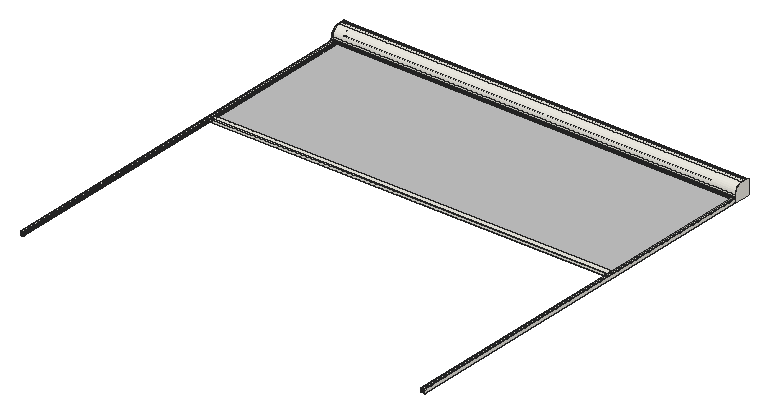
Revit family "Windows_Blinds_Nimex_SC_100", category Specialty Equipment, host Face, Revit 2018 (continued)
Definition of nested family "SC_100"
  Definition of nested family "SC_100_Top"
    Automatic sketch dimensions
      curve 89 to curve 89 = 0.937 mm
      curve 18 to plane 6 = 7.74 mm
      curve 86 to curve 37 = 3.278 mm
      curve 17 to curve 15 = 0.394 mm
      curve 92 to curve 91 = 1 mm
      curve 87 to level = 1 mm
      curve 73 to curve 71 = 1 mm
      curve 37 to curve 36 = 2.646 mm
      curve 15 to curve 12 = 2.646 mm
      curve 40 to curve 36 = 0 mm
      curve 14 to curve 13 = 0.103 mm
      curve 38 to curve 39 = 0.103 mm
      curve 12 to curve 32 = 0.2 mm
      curve 32 to curve 1 = 0 mm
      curve 11 to plane 6 = 2.1 mm
      curve 35 to plane 6 = 2.1 mm
      curve 41 to plane 6 = 2.1 mm
      curve 84 to curve 84 = 1.127 mm
      curve 80 to curve 79 = 1.127 mm
      curve 108 to curve 76 = 5.501 mm
      curve 82 to curve 80 = 4.873 mm
      curve 88 to curve 82 = 5.665 mm
      curve 98 to curve 82 = 5.665 mm
      curve 100 to curve 98 = 3.235 mm
      curve 102 to curve 100 = 1.358 mm
      curve 95 to curve 98 = 16.042 mm
      curve 95 to curve 91 = 0 mm
      curve 76 to curve 95 = 1.7 mm
      curve 71 to curve 90 = 1.7 mm
      curve 95 to curve 75 = 2.3 mm
      curve 72 to curve 92 = 0.7 mm
      level to curve 47 = 0 mm  (x2)
      level to curve 33 = 0.8 mm
      curve 33 to curve 35 = 0.814 mm
      level to curve 108 = 4.514 mm
      level to curve 37 = 4.596 mm
      curve 112 to curve 110 = 0.14 mm
      curve 37 to curve 36 = 0.058 mm
      curve 110 to curve 113 = 0 mm
      curve 113 to curve 3 = 0.001 mm
      curve 36 to curve 38 = 0.047 mm
      curve 3 to curve 115 = 0.724 mm
      curve 5 to curve 116 = 0.698 mm
      curve 3 to curve 114 = 2.598 mm
      curve 38 to curve 39 = 2.646 mm
      curve 39 to curve 41 = 0.394 mm
      curve 118 to curve 106 = 1.556 mm
      curve 63 to curve 117 = 0.05 mm
      curve 117 to curve 118 = 0.444 mm
      curve 118 to curve 67 = 15.506 mm
      curve 67 to curve 65 = 2.937 mm
      curve 67 to curve 66 = 2.937 mm
      curve 65 to curve 68 = 0.836 mm
      curve 66 to curve 69 = 0.836 mm
      curve 46 to curve 6 = 12.243 mm
      curve 45 to curve 25 = 2.217 mm
      curve 46 to curve 42 = 2.655 mm
      curve 42 to curve 24 = 1.388 mm
      curve 24 to curve 45 = 0.053 mm
      curve 45 to curve 43 = 0.5 mm
      curve 43 to curve 30 = 0.047 mm
      curve 30 to curve 29 = 1.8 mm
      curve 29 to curve 44 = 0.769 mm
      curve 44 to curve 28 = 0.598 mm
      curve 45 to curve 23 = 0.499 mm
      curve 11 to curve 32 = 3.24 mm
      curve 11 to curve 13 = 0.394 mm
      curve 23 to curve 7 = 1.836 mm
      curve 16 to curve 32 = 0.2 mm
      curve 20 to curve 7 = 0.2 mm
      curve 22 to curve 21 = 0.103 mm
      curve 15 to curve 15 = 0.103 mm
      curve 17 to curve 17 = 0.5 mm
      curve 42 to plane 10 = 0.009 mm
      curve 25 to curve 25 = 0.4 mm
      curve 65 to curve 65 = 0.119 mm
      curve 63 to curve 65 = 0 mm
      curve 68 to curve 68 = 0.15 mm
      curve 68 to curve 68 = 0.938 mm
      curve 69 to curve 69 = 0.938 mm
      curve 110 to curve 115 = 0 mm
      curve 113 to curve 114 = 0 mm
      curve 105 to level = 4.042 mm
      curve 82 to curve 105 = 2.417 mm
      curve 105 to plane 1 "Center (Front/Back)" = 10.342 mm
      curve 104 to level = 4.042 mm
      curve 105 to curve 104 = 1.148 mm
      curve 36 to curve 37 = 0.853 mm
      curve 37 to curve 36 = 0 mm
      curve 15 to curve 15 = 0.851 mm
      curve 16 to curve 15 = 0 mm
      curve 105 to curve 104 = 8.881 mm
      level to Extrusion 4 sketch curve = 1 mm
      Extrusion 4 sketch curve to plane 1 "Center (Front/Back)" = 9.565 mm
      Extrusion 4 sketch curve to plane 1 "Center (Front/Back)" = 11.49 mm
      Extrusion 4 sketch curve to Extrusion 4 sketch curve = 1 mm
      Extrusion 4 sketch curve to Extrusion 4 sketch curve = 1.141 mm
      Extrusion 4 sketch curve to Extrusion 4 sketch curve = 8.855 mm
      Extrusion 4 sketch curve to Extrusion 4 sketch curve = 0 mm
      Extrusion 4 sketch curve to plane 9 = 47.996 mm
      Extrusion 5 sketch curve to Extrusion 5 sketch curve = 0 mm  (x8)
      plane 1 "Center (Front/Back)" to Extrusion 5 sketch curve = 28.082 mm
      Extrusion 5 sketch curve to Extrusion 5 sketch curve = 1.65 mm  (x2)
      Extrusion 5 sketch curve to Extrusion 5 sketch curve = 4.65 mm
      Extrusion 5 sketch curve to Extrusion 5 sketch curve = 3 mm  (x2)
      Extrusion 5 sketch curve to plane 9 = 47.996 mm
      Extrusion 5 sketch curve to Extrusion 5 sketch curve = 16 mm
      Extrusion 5 sketch curve to Extrusion 5 sketch curve = 2.937 mm  (x2)
      Extrusion 5 sketch curve to Extrusion 5 sketch curve = 0.836 mm  (x2)
      Extrusion 5 sketch curve to Extrusion 5 sketch curve = 0.119 mm
      Extrusion 5 sketch curve to Extrusion 5 sketch curve = 0.15 mm
      Extrusion 5 sketch curve to Extrusion 5 sketch curve = 0.938 mm  (x2)
      Extrusion 1 sketch curve to Extrusion 1 sketch curve = 0 mm  (x24)
      Extrusion 1 sketch curve to plane 10 = 0 mm
      Extrusion 1 sketch curve to plane 9 = 0 mm
      Extrusion 1 sketch curve to plane 6 = 0 mm
      plane 10 to Extrusion 1 sketch curve = 0.006 mm
      Extrusion 1 sketch curve to Extrusion 1 sketch curve = 1.192 mm
      Extrusion 1 sketch curve to Extrusion 1 sketch curve = 0.605 mm
      Extrusion 1 sketch curve to Extrusion 1 sketch curve = 0.007 mm
      Extrusion 1 sketch curve to Extrusion 1 sketch curve = 0.197 mm
      plane 10 to Extrusion 1 sketch curve = 2 mm
      Extrusion 1 sketch curve to Extrusion 1 sketch curve = 0.19 mm
      Extrusion 1 sketch curve to Extrusion 1 sketch curve = 0.5 mm  (x6)
      Extrusion 1 sketch curve to Extrusion 1 sketch curve = 0.582 mm
      plane 10 to Extrusion 1 sketch curve = 4.5 mm
      Extrusion 1 sketch curve to Extrusion 1 sketch curve = 0.2 mm  (x3)
      Extrusion 1 sketch curve to Extrusion 1 sketch curve = 0.751 mm
      Extrusion 1 sketch curve to Extrusion 1 sketch curve = 0.541 mm
      Extrusion 1 sketch curve to Extrusion 1 sketch curve = 4.762 mm
      Extrusion 1 sketch curve to Extrusion 1 sketch curve = 1.895 mm
      Extrusion 1 sketch curve to Extrusion 1 sketch curve = 0.394 mm  (x4)
      level to Extrusion 1 sketch curve = 8.054 mm
      plane 1 "Center (Front/Back)" to Extrusion 1 sketch curve = 22.935 mm
      Extrusion 1 sketch curve to Extrusion 1 sketch curve = 0.006 mm
      level to Extrusion 1 sketch curve = 5.498 mm
      plane 1 "Center (Front/Back)" to Extrusion 1 sketch curve = 8.754 mm
      Extrusion 1 sketch curve to Extrusion 1 sketch curve = 4.279 mm
      Extrusion 1 sketch curve to Extrusion 1 sketch curve = 0.14 mm  (x2)
      Extrusion 1 sketch curve to Extrusion 1 sketch curve = 0.002 mm
      level to Extrusion 1 sketch curve = 0.225 mm
      plane 1 "Center (Front/Back)" to Extrusion 1 sketch curve = 3.535 mm
      plane 1 "Center (Front/Back)" to Extrusion 1 sketch curve = 2.535 mm
      plane 1 "Center (Front/Back)" to Extrusion 1 sketch curve = 1.737 mm
      plane 1 "Center (Front/Back)" to Extrusion 1 sketch curve = 0.935 mm
      Extrusion 1 sketch curve to plane 9 = 1.6 mm
      Extrusion 1 sketch curve to plane 6 = 7.74 mm
      Extrusion 1 sketch curve to plane 6 = 7.347 mm
      Extrusion 1 sketch curve to Extrusion 1 sketch curve = 2.646 mm  (x3)
      Extrusion 1 sketch curve to Extrusion 1 sketch curve = 0.103 mm  (x4)
      Extrusion 1 sketch curve to Extrusion 1 sketch curve = 3.24 mm  (x2)
      Extrusion 1 sketch curve to plane 6 = 2.1 mm  (x3)
      Extrusion 1 sketch curve to level = 6.501 mm
      level to Extrusion 1 sketch curve = 0.8 mm
      Extrusion 1 sketch curve to Extrusion 1 sketch curve = 0.814 mm
      Extrusion 1 sketch curve to Extrusion 1 sketch curve = 4.289 mm
      level to Extrusion 1 sketch curve = 4.596 mm
      Extrusion 1 sketch curve to Extrusion 1 sketch curve = 0.058 mm
      Extrusion 1 sketch curve to Extrusion 1 sketch curve = 0.047 mm
      Extrusion 1 sketch curve to Extrusion 1 sketch curve = 1.556 mm
      Extrusion 1 sketch curve to Extrusion 1 sketch curve = 0.802 mm
      Extrusion 1 sketch curve to Extrusion 1 sketch curve = 0.444 mm
      Extrusion 1 sketch curve to Extrusion 1 sketch curve = 12.243 mm
      Extrusion 1 sketch curve to Extrusion 1 sketch curve = 2.217 mm
      Extrusion 1 sketch curve to Extrusion 1 sketch curve = 2.654 mm
      Extrusion 1 sketch curve to Extrusion 1 sketch curve = 1.388 mm
      Extrusion 1 sketch curve to Extrusion 1 sketch curve = 0.053 mm
      Extrusion 1 sketch curve to Extrusion 1 sketch curve = 0.048 mm
      Extrusion 1 sketch curve to Extrusion 1 sketch curve = 0.769 mm
      Extrusion 1 sketch curve to Extrusion 1 sketch curve = 0.598 mm
      Extrusion 1 sketch curve to Extrusion 1 sketch curve = 0.499 mm
      Extrusion 1 sketch curve to Extrusion 1 sketch curve = 1.836 mm
      Extrusion 1 sketch curve to Extrusion 1 sketch curve = 0.4 mm
      Extrusion 1 sketch curve to Extrusion 1 sketch curve = 0.853 mm
      Extrusion 1 sketch curve to Extrusion 1 sketch curve = 0.851 mm
      radius of curve 48 = 34.923 mm
      radius of curve 50 = 27 mm  (x2)
      radius of curve 51 = 26.5 mm  (x2)
      radius of curve 52 = 26 mm  (x2)
      radius of curve 53 = 25.5 mm  (x2)
      radius of curve 54 = 25 mm  (x2)
      radius of curve 55 = 24.5 mm  (x2)
      radius of curve 56 = 24 mm  (x2)
      radius of curve 57 = 23.5 mm  (x2)
      radius of curve 58 = 23 mm  (x2)
      radius of curve 59 = 22.5 mm  (x2)
      radius of curve 60 = 22 mm  (x2)
      radius of curve 61 = 21.5 mm  (x2)
      radius of curve 99 = 3 mm
      radius of curve 49 = 27.5 mm  (x2)
  Definition of nested family "SC_100_Screen"
    Parameters (values of type "SC_100_Screen")
      TotalWidth [instance] = 500 mm
      TotalHeight [instance] = 500 mm
      SideOffset [instance] = 14 mm
      ScreenHeightControl [instance] = 173 mm
      Screen [instance] = none
    Reference planes
      plane 1 "Center (Front/Back)": y = 0
      plane 2: z = 0
      plane 3 "Center (Left/Right)": x = 0
      plane 4: x = -236
      plane 5: x = -250
      plane 6: x = 236
      plane 7: x = 250
      plane 8: z = 393
      plane 9: z = 394
      plane 10: z = 500
      plane 11: z = 220
    Forms (mm)
      Extrusion 1, solid, material <- "Screen"
        sketch origin (0, 0, 0) x (0, 1, 0) y (0, 0, 1)
          loop
            line (-0.5, 220) -> (0.5, 220) -> (0.5, 394) -> (-0.5, 394) -> (-0.5, 220)
        from -236 to 236
    Dimensions and locks
      "SideOffset": plane 4 to plane 5
      "SideOffset": plane 6 to plane 7
      equal spacing: plane 7, plane 3 "Center (Left/Right)", plane 5
      "TotalWidth": plane 7 to plane 5
      locked: plane 9 to plane 8 at 1
      "TotalHeight": plane 10 to plane 2
      "ScreenHeightControl": plane 8 to plane 11
      locked: plane 10 to plane 8 at 107
      aligned and locked: level to plane 2
      aligned and locked: Extrusion 1 to plane 4
      aligned and locked: plane 6 to Extrusion 1
      aligned and locked: plane 9 to Extrusion 1
      aligned and locked: Extrusion 1 to plane 11
    Automatic sketch dimensions
      level to Extrusion 1 sketch curve = 220 mm
      plane 1 "Center (Front/Back)" to Extrusion 1 sketch curve = 0.5 mm
      Extrusion 1 sketch curve to plane 8 = 1 mm
      Extrusion 1 sketch curve to plane 1 "Center (Front/Back)" = 0.5 mm
  Definition of nested family "SC_100_Screen-Frame"
    Parameters (values of type "SC_100_Screen-Frame")
      TotalWidth [instance] = 300 mm
      SideOffset [instance] = 25 mm
      Metal [instance] = none
    Reference planes
      plane 1 "Center (Front/Back)": y = 0
      plane 2: z = 0
      plane 3 "Center (Left/Right)": x = 0
      plane 4: x = -125
      plane 5: x = -150
      plane 6: x = 125
      plane 7: x = 150
      plane 8: z = 40
    Forms (mm)
      Extrusion 1, solid, material <- "Metal"
        sketch origin (0, 0, 0) x (0, 1, 0) y (0, 0, 1)
          loop
            arc (9, 39) -> (8.707, 39.707) -> (8, 40) r 1
            line (8, 40) -> (-8, 40)
            arc (-8, 40) -> (-8.707, 39.707) -> (-9, 39) r 1
            line (-9, 39) -> (-9, 5) -> (-9, 1)
            arc (-9, 1) -> (-8.707, 0.293) -> (-8, 0) r 1
            line (-8, 0) -> (8, 0)
            arc (8, 0) -> (8.707, 0.293) -> (9, 1) r 1
            line (9, 1) -> (9, 5) -> (9, 39)
        from -125 to 125
    Dimensions and locks
      "SideOffset": plane 4 to plane 5
      "SideOffset": plane 6 to plane 7
      equal spacing: plane 7, plane 3 "Center (Left/Right)", plane 5
      "TotalWidth": plane 7 to plane 5
      locked: plane 8 to plane 2 at 40
      aligned and locked: level to plane 2
      aligned and locked: Extrusion 1 to plane 4
      aligned and locked: Extrusion 1 to plane 6
    Automatic sketch dimensions
      Extrusion 1 sketch curve to level = 0 mm
      plane 1 "Center (Front/Back)" to Extrusion 1 sketch curve = 9 mm
      Extrusion 1 sketch curve to Extrusion 1 sketch curve = 1 mm  (x2)
      Extrusion 1 sketch curve to plane 1 "Center (Front/Back)" = 8 mm  (x2)
      level to Extrusion 1 sketch curve = 1 mm
      Extrusion 1 sketch curve to Extrusion 1 sketch curve = 4 mm  (x2)
      Extrusion 1 sketch curve to plane 8 = 1 mm
